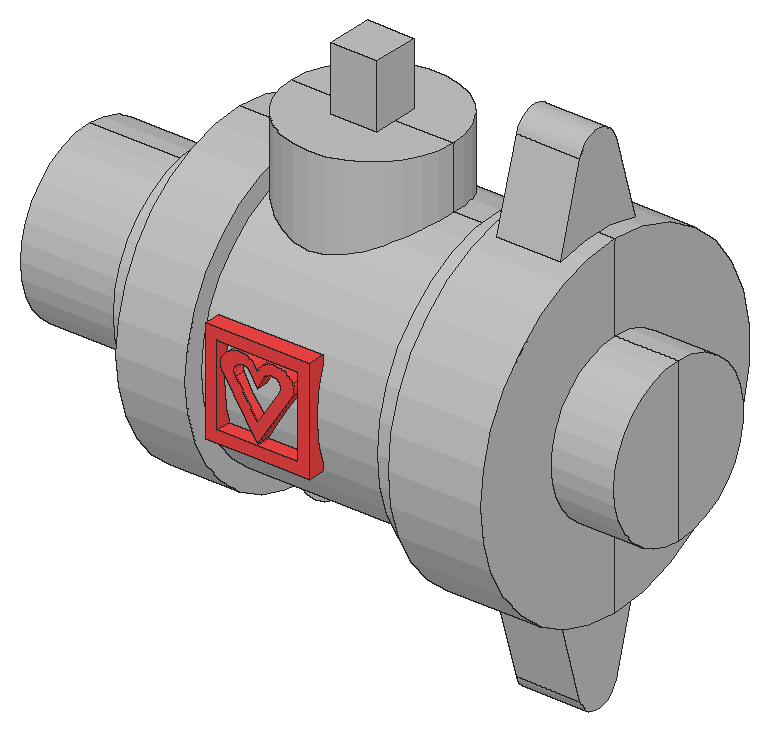
Revit family "Кран для слива и наполнения котла 2512 11", category Rohrzubehör, Revit 2021
Family settings
  Bemaßung runder Anschluss = Durchmesser verwenden
  Teiletyp = Normal
  OmniClass-Nummer = 23.65.55.14
  OmniClass-Titel = Valves for Liquid Services
  Arbeitsebenenbasiert = Nein
  Immer vertikal = Ja
  Beim Laden mit Abzugskörper schneiden = Nein
  Gemeinsam genutzt = Nein
Parameters
  Номер заказа [instance] = if(Nennweite = 15.000 mm, 1251211, 0)  # 1251211
  Мин. рабочая температура = -30 °C  # constant formula
  Макс. рабочая температура = 110 °C  # constant formula
  Макс. рабочее давление = 1000000.0 Pa  # constant formula
  Vorgabe-Ansicht = 0.000 mm
  URL = "www.herz-armaturen.ru"
  Шпиндель = "Латунь CW614N"  # constant formula
  SCTWSEQ = "ENT;AO;1"
  SCTWCODE = "01;10;01"  # constant formula
  SCRNSEQ = "ARM;ARM_TYP=\"ABSV\";1"
  SCRNCODE = "05;08;01"  # constant formula
  S04 = 45.000 mm  # constant formula
  S03 = 16.000 mm  # constant formula
  S02 = L00 - L01  # 24.500 mm
  S01 = L00 + (L09 - L05)  # 51.000 mm
  R99 = 2.000 mm  # constant formula
  R01 = 7.000 mm  # constant formula
  Nennweite [instance] = 15.000 mm  # constant formula
  L10 = L01 - L05 + 1.000 mm  # 14.000 mm
  L09 = 13.500 mm  # constant formula
  L08 = 8.000 mm  # constant formula
  L07 = 4.000 mm  # constant formula
  L06 = 19.000 mm  # constant formula
  L05 = 6.500 mm  # constant formula
  L04 = 9.500 mm  # constant formula
  L03 = 8.500 mm  # constant formula
  L02 = 13.000 mm  # constant formula
  L01 = 19.500 mm  # constant formula
  L00 = 44.000 mm  # constant formula
  Шар = "штампованная латунь, CW617N, хромированный, полнопроходной шар"  # constant formula
  Hersteller = "Herz-Armaturen GmbH"  # constant formula
  H00 = 17.000 mm  # constant formula
  Корпус = "штампованная латунь, CW617N"  # constant formula
  G02 = 13.200 mm  # constant formula
  G01 [instance] = Nennweite / 2  # 7.500 mm
  Уплотнения = "Шар: PTFE, шпиндель: PTFE"  # constant formula
  D08 = 7.000 mm  # constant formula
  D07 = 14.500 mm  # constant formula
  D06 = 12.100 mm  # constant formula
  D05 = 13.400 mm  # constant formula
  D04 = 11.100 mm  # constant formula
  D03 = 11.700 mm  # constant formula
  D02 = 9.300 mm  # constant formula
  D01 [instance] = G01 - 1.500 mm  # 6.000 mm
  Среда = "Качество теплоносителя в соответствии с ÖNORM H5195 и/или предписаниями VDI-Standard 2035. Разрешается использование смеси этилен или пропиленгликоля в соотношении 25-50% с водой."
  Область применения = "Краны используются для слива и наполнения котла в инженерных системах зданий: в системах отопления или холодоснабжения. Ароматические хлорированные углеводороды, такие как природный газ или продукты нефтепереработки, разрушают уплотнения из EPDM."
Reference planes
  plane 1 "Mitte (Vorne/hinten)": y = 0
  plane 2: z = 0
  plane 3 "Mitte (Links/rechts)": x = 0
Forms (mm)
  Revolve 1, solid, material "Messing vernickelt", detail levels fine
    sketch origin (0, 0, 0) x (1, 0, 0) y (0, 0, 1)
      loop
        line (-18, 0) -> (13, 0) -> (13, 11.1) -> (19.5, 11.1) -> (19.5, 13.2) -> (11, 13.2) -> (11, 11.7) -> (-5.5, 11.7) -> (-5.5, 13.4) -> (-11.5, 13.4) -> (-11.5, 9.3) -> (-15, 9.3) -> (-15, 7.5) -> (-24.5, 7.5) -> (-24.5, 6) -> (-18, 6) -> (-18, 0)
      axis (-24.5, 0) -> (19.5, 0)
    angle from 0 to 360
  Extrusion 2, solid, material "Messing vernickelt", detail levels fine
    sketch origin (0, 0, 0) x (1, 0, 0) y (0, 0, 1)
      loop
        line (-2, -12.1) -> (-2, -11.3) -> (-5.52, -11.3) -> (-5.52, -13.4)
        arc (-5.52, -13.4) -> (-3.307, -13.976) -> (-2, -12.1) r 2
    from 1 to -1
  Revolve 3, solid, material "Messing vernickelt", detail levels fine
    sketch origin (0, 0, 0) x (1, 0, 0) y (0, 0, 1)
      loop
        line (0, 0) -> (0, 17) -> (-7, 17) -> (-7, 0) -> (0, 0)
      axis (0, 17) -> (0, 0)
    angle from 0 to 360
  Extrusion 4, solid, material "Messing vernickelt", detail levels fine
    sketch origin (0, 0, 0) x (1, 0, 0) y (0, 1, 0)
      loop
        line (-2, 2) -> (-2, -2) -> (2, -2) -> (2, 2) -> (-2, 2)
    from 17 to 22.5
  Revolve 5, solid, material "Messing vernickelt", detail levels fine
    sketch origin (0, 0, 0) x (1, 0, 0) y (0, 0, 1)
      loop
        line (13, 14.5) -> (13, 13.2) -> (19.5, 13.2) -> (19.5, 0) -> (26.5, 0) -> (26.5, 7) -> (21, 7) -> (21, 14.5) -> (13, 14.5)
      axis (13, 0) -> (26.5, 0)
    angle from 0 to 360
  Extrusion 6, solid, material "Messing vernickelt", detail levels fine
    sketch origin (0, 0, 0) x (0, 1, 0) y (0, 0, 1)
      loop
        line (4, 13.937) -> (1.92, 21.061)
        arc (1.92, 21.061) -> (0, 22.5) -> (-1.92, 21.061) r 2
        line (-1.92, 21.061) -> (-4, 13.937)
        arc (-4, 13.937) -> (0, 14.5) -> (4, 13.937) r 14.5
      loop
        arc (4, -13.937) -> (0, -14.5) -> (-4, -13.937) r 14.5
        line (-4, -13.937) -> (-1.92, -21.061)
        arc (-1.92, -21.061) -> (0, -22.5) -> (1.92, -21.061) r 2
        line (1.92, -21.061) -> (4, -13.937)
    from 14 to 19.5
Lines and regions (mm)
  model lines, detail levels coarse+medium
    curve 1: line (-24.5, 0, 0) -> (26.5, 0, 0)
    curve 2: line (16, 0, 22.5) -> (16, 0, -22.5)
    curve 3: line (16, -22.5, 0) -> (16, 22.5, 0)
Dimensions and locks
  "L00": Revolve 1 sketch curve to Revolve 1 sketch curve
  "L03": Revolve 1 sketch curve to Revolve 1 sketch curve
  "L05": Revolve 1 sketch curve to Revolve 1 sketch curve  (x2)
  "L01": Revolve 1 sketch curve to plane 3 "Mitte (Links/rechts)"
  "L04": Revolve 1 sketch curve to Revolve 1 sketch curve
  "L02": Revolve 1 sketch curve to Revolve 1 sketch curve
  "D01": Revolve 1 sketch curve to plane 2
  "G01": Revolve 1 sketch curve to plane 2
  "D04": Revolve 1 sketch curve to plane 2
  "D02": Revolve 1 sketch curve to plane 2
  "G02": Revolve 1 sketch curve to plane 2
  "D03": Revolve 1 sketch curve to plane 2
  "D05": Revolve 1 sketch curve to plane 2
  "L06": Revolve 1 sketch curve to Revolve 1 sketch curve
  "L07": plane 3 "Mitte (Links/rechts)" to Extrusion 2 sketch curve
  "D06": plane 2 to Extrusion 2 sketch curve
  "R01": plane 3 "Mitte (Links/rechts)" to Revolve 3 sketch curve
  "H00": Revolve 3 sketch curve to plane 2
  "G02": Revolve 5 sketch curve to plane 2
  "D07": Revolve 5 sketch curve to plane 2
  "L01": plane 3 "Mitte (Links/rechts)" to Revolve 5 sketch curve
  "L05": Revolve 5 sketch curve to Revolve 1
  "L08": Revolve 5 sketch curve to Revolve 5 sketch curve
  "D08": Revolve 5 sketch curve to plane 2
  "L09": Revolve 5 sketch curve to Revolve 5 sketch curve
  "L10": plane 3 "Mitte (Links/rechts)" to Extrusion 6
  "S01": curve 1 to curve 1
  "S03": plane 3 "Mitte (Links/rechts)" to curve 2
  "S02": plane 3 "Mitte (Links/rechts)" to curve 1
  equal spacing: curve 2, plane 2, curve 2
  "S04": curve 2 to curve 2
  "S04": curve 3 to curve 3
  equal spacing: curve 3, plane 1 "Mitte (Vorne/hinten)", curve 3
  "S03": plane 3 "Mitte (Links/rechts)" to curve 3
  "D03": nested 1 to plane 1 "Mitte (Vorne/hinten)"
  "R99": radius of Extrusion 2 sketch curve
  aligned and locked: level to plane 2
Automatic sketch dimensions
  plane 1 "Mitte (Vorne/hinten)" to Extrusion 4 sketch curve = 2.000 mm
  plane 3 "Mitte (Links/rechts)" to Extrusion 4 sketch curve = 2.000 mm
  Extrusion 4 sketch curve to plane 1 "Mitte (Vorne/hinten)" = 2.000 mm
  Extrusion 4 sketch curve to plane 3 "Mitte (Links/rechts)" = 2.000 mm
  Extrusion 6 sketch curve to Extrusion 6 sketch curve = 0.000 mm  (x2)
  Extrusion 6 sketch curve to plane 1 "Mitte (Vorne/hinten)" = 0.000 mm  (x3)
  Extrusion 6 sketch curve to level = 0.000 mm
  plane 1 "Mitte (Vorne/hinten)" to Extrusion 6 sketch curve = 1.920 mm  (x2)
  plane 1 "Mitte (Vorne/hinten)" to Extrusion 6 sketch curve = 4.000 mm  (x2)
  Extrusion 6 sketch curve to plane 1 "Mitte (Vorne/hinten)" = 1.920 mm  (x2)
  Extrusion 6 sketch curve to plane 1 "Mitte (Vorne/hinten)" = 4.000 mm  (x2)
  Extrusion 6 sketch curve to level = 13.937 mm
  Extrusion 6 sketch curve to Extrusion 6 sketch curve = 6.563 mm  (x2)
  Extrusion 6 sketch curve to Extrusion 6 sketch curve = 0.561 mm  (x2)
  level to Extrusion 6 sketch curve = 13.937 mm
  curve 1 to level = 0.000 mm
  Revolve 1 sketch curve to level = 0.000 mm  (x2)
  Revolve 1 sketch curve to Revolve 1 sketch curve = 1482.030 mm
  Revolve 1 sketch curve to Revolve 1 sketch curve = 1819.648 mm
  Extrusion 2 sketch curve to Extrusion 2 sketch curve = 1.520 mm
  Extrusion 2 sketch curve to Extrusion 2 sketch curve = 0.800 mm
  Revolve 3 sketch curve to level = 0.000 mm
  Revolve 3 sketch curve to plane 3 "Mitte (Links/rechts)" = 0.000 mm  (x2)
  Revolve 3 sketch curve to level = 366.045 mm
  Revolve 3 sketch curve to Revolve 3 sketch curve = 2197.315 mm
  Revolve 5 sketch curve to level = 0.000 mm  (x2)
  Revolve 5 sketch curve to plane 3 "Mitte (Links/rechts)" = 1506.530 mm
  Revolve 5 sketch curve to Revolve 5 sketch curve = 1812.648 mm
Nested families
  nested 1: "Herz-Logo-vorne" at (0, -11.7, 0) x (0, 1, 0) z (0, 0, 1), type "Herz-Logo-vorne"
Connectors
  piping at (-24.5, 0, 0), diameter 15, driven by "Nennweite"
    settings: on Revolve 1, index 1, connector inside diameter 609.6 mm, connector length 0.000 mm, flow factor 0, pipe flow 0.0 L/s, pressure drop 0.0 Pa, fitting loss kfactor 0, connector angle 0.00°, fixture units 0, engagement length 0.000 mm, angle of deflection 0.00°, flow configuration 0, flow direction 0, fitting loss method 0, system type 29, joint type 0, gender type 0, connector reference index -1, connector utility 0, adjustable connector no, is connector primary yes, connector description ""
Definition of nested family "Herz-Logo-vorne"
  Parameters (values of type "Herz-Logo-vorne")
    Default Elevation = 0.000 mm
  Reference planes
    plane 1 "Mitte (Vorne/hinten)": y = 0
    plane 2: z = 0
    plane 3 "Mitte (Links/rechts)": x = 0
  Forms (mm)
    Extrusion 1, solid
      sketch origin (0.732, -0.018, 0.017) x (0, -1, 0) y (0, 0, 1)
        loop
          line (-0.018, -4.517) -> (4.482, -4.517) -> (4.482, 4.483) -> (-4.518, 4.483) -> (-4.518, -4.517) -> (-0.018, -4.517)
        loop
          line (-0.05, -3.48) -> (3.482, -3.48) -> (3.482, 3.483) -> (-3.518, 3.483) -> (-3.518, -3.48) -> (-0.05, -3.48)
        loop
          arc (-0.018, 2.383) -> (-1.543, 3.287) -> (-3.067, 2.383) r 1.738
          arc (-3.067, 2.383) -> (-3.191, 1.899) -> (-3.067, 1.415) r 1.009
          line (-3.067, 1.415) -> (-0.018, -3.281) -> (3.032, 1.415)
          arc (3.032, 1.415) -> (3.156, 1.899) -> (3.032, 2.383) r 1.009
          arc (3.032, 2.383) -> (1.507, 3.287) -> (-0.018, 2.383) r 1.738
        loop
          arc (1.885, 1.272) -> (2.005, 1.675) -> (1.885, 2.079) r 0.74
          arc (1.885, 2.079) -> (1.265, 2.416) -> (0.644, 2.079) r 0.74
          line (0.644, 2.079) -> (-0.018, 0.97) -> (-0.679, 2.079)
          arc (-0.679, 2.079) -> (-1.3, 2.416) -> (-1.921, 2.079) r 0.74
          arc (-1.921, 2.079) -> (-2.04, 1.675) -> (-1.921, 1.272) r 0.74
          line (-1.921, 1.272) -> (-0.018, -1.658) -> (1.885, 1.272)
      from 0 to 1.5
  Dimensions and locks
    aligned and locked: level to plane 2
